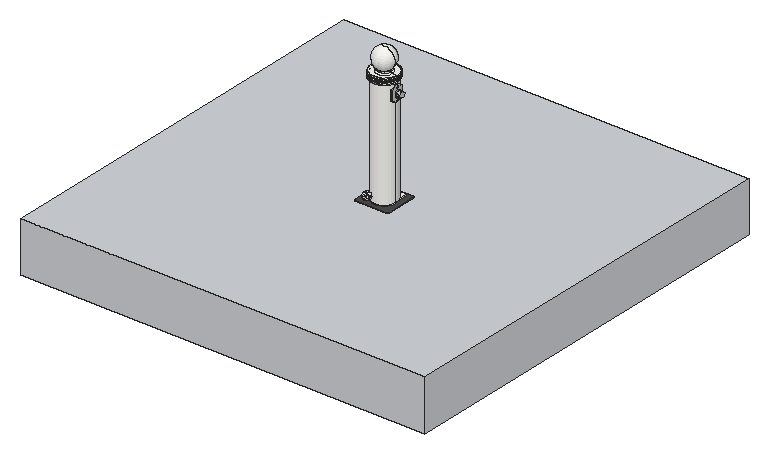
Revit family
Parameters (values of type "MRRW-RS1-R")
  Warranty Statement = " www.maxiforcebollards.com/documents"
  Warranty Duration (Years) = "1"
  URL = " www.maxiforcebollards.com/documents"
  Type Comments = "Light Removable Bollard / Round Body, Wrench Operated"
  Revision = "20110501"
  Reflective Tape = no
  Projection Type = Projection_MRRW-RS1_R : Projection_MRRW-RS1_R
  Product Specifications MF 2004 = " www.maxiforcebollards.com/documents"
  Product Specifications MF 1995 = " www.maxiforcebollards.com/documents"
  Product Models = " www.maxiforcebollards.com/documents"
  Post Material = Powder Coat - TIGER Drylac
  Pier Height = if(Additional Body Height < 0' 0", 2' 2 223/256", if(or(Additional Body Height + 2' 2 223/256" > 4' 0", Additional Body Height + 2' 2 223/256" = 4' 0"), 4' 0", 2' 2 223/256" + Additional Body Height))  # 2' - 2 223/256"
  Operation, Maintenance & Repair Manual = " www.maxiforcebollards.com/documents"
  Model = "MRRW-RS1-R"
  MasterFormat 1995 = "02870"
  Marketing Brochures = " www.maxiforcebollards.com/documents"
  Manufacturer Website = "http://www.maxiforcebollards.com\t\t\t\t\r\n"
  Manufacturer Phone = "410-552-9888\r\n"
  Manufacturer Fax = "410-552-9939\r\n"
  Manufacturer Email = "sales@maxiforcebollards.com\t\t\t\r\n"
  Manufacturer Address = "7560 Main Street, Sykesville, MD 21784"
  Manufacturer = "Blue Ember Technologies, LLC."
  Maintenance Schedule (Months) = "0"
  Keynote = "12 93 00"
  Installation Phase = "Fixtures and Fittings"
  Hydrant Nut Type Description = "4 Types from drop-down:"
  Hydrant Nut Type (Optional) = 1-3_8'' Face Hydrant Nut : 1-3_8'' Face Hydrant Nut
  Head Type = Head_RS1 : Head_RS1
  Head Material = Powder Coat - TIGER Drylac
  Description = "Site Furnishings as Specified in 02870 or 12 93 00"
  Default Elevation = 4' - 0"
  Copyright = "© Blue Ember Technologies, LLC."
  Color Definitions RFA = " www.maxiforcebollards.com/documents"
  Color Charts = " www.maxiforcebollards.com/documents"
  CAD Details = " www.maxiforcebollards.com/documents"
  Bollard Articles = " www.maxiforcebollards.com/documents"
  Base Type = Base_R : Base_R
  Assembly Code = "G2040500"
  Applicable Standard - Typical Installation (minimum) = " www.maxiforcebollards.com/documents"
  Additional Body Height Description = "+1\" of Body (up to 48\" AFG w/o head)"
  Additional Body Height = 0' - 0"
Types (5): name | Projection Type | Head Type | Base Type
  (no name) | Projection_MRRW-RS1_R : Projection_MRRW-RS1_R | Head_RS1 : Head_RS1 | Base_R : Base_R
  MRRW-RS1-R | Projection_MRRW-RS1_R : Projection_MRRW-RS1_R | Head_RS1 : Head_RS1 | Base_R : Base_R
  MRRW-RS2-R | Projection_MRRW-RS2_R : Projection_MRRW-RS2_R | Head_RS2 : Head_RS2 | Base_R : Base_R
  MRRW-RS1-U | Projection_MRRW-RS1_U : Projection_MRRW-RS1_U | Head_RS1 : Head_RS1 | Base_U : Base_U
  MRRW-RS2-U | Projection_MRRW-RS2_U : Projection_MRRW-RS2_U | Head_RS2 : Head_RS2 | Base_U : Base_U
Reference planes (in)
  plane 1 "Center (Front/Back)": y = 0
  plane 2: z = 0
  plane 3 "Center (Left/Right)": x = 0
  plane 4 "Head Placement": z = 26.87109
  plane 5: z = 23.4993
  plane 6 "Hydrant Nut Placement": x = 2.31969
Forms (in)
  Extrusion 1, solid
    sketch origin (0, 0, 0) x (1, 0, 0) y (0, 1, 0)
      loop
        line (-48, 48) -> (-48, -48) -> (48, -48) -> (48, 48) -> (-48, 48)
    from 0 to -12
  Extrusion 2, solid, material "Powder Coat - TIGER Drylac" <- "Post Material", detail levels medium+fine
    sketch origin (0.01612, 0, 0) x (-1, 0, 0) y (0, -1, 0)
      loop
        circle (0, 0) r 2.78125
      loop
        circle (0, 0) r 2.52344
    from 0.25 to 26.87109
  Extrusion 3, solid, material "Powder Coat - TIGER Drylac" <- "Post Material", detail levels medium+fine
    sketch origin (0.01612, 0, 0) x (-1, 0, 0) y (0, -1, 0)
      loop
        arc (-1.14247, -2.398) -> (1.98328, 1.767) -> (-2.51344, -0.85923) r 2.65625
        arc (-2.51344, -0.85923) -> (-2.50338, -0.89911) -> (-2.5, -0.9401) r 0.25
        line (-2.5, -0.9401) -> (-2.5, -3.37615) -> (-2.31615, -3.56) -> (-1.68385, -3.56) -> (-1.5, -3.37615) -> (-1.5, -2.6237)
        arc (-1.5, -2.6237) -> (-1.38345, -2.4123) -> (-1.14247, -2.398) r 0.25
      loop
        circle (0, 0) r 1.03125
      loop
        circle (-1.9995, -3.06) r 0.25
      loop
        arc (1.66859, 0.88) -> (1.62716, 0.86284) -> (1.61, 0.82141) r 0.05859
        line (1.61, 0.82141) -> (1.61, -0.19141)
        arc (1.61, -0.19141) -> (1.62716, -0.23284) -> (1.66859, -0.25) r 0.05859
        line (1.66859, -0.25) -> (2.08141, -0.25)
        arc (2.08141, -0.25) -> (2.12284, -0.23284) -> (2.14, -0.19141) r 0.05859
        line (2.14, -0.19141) -> (2.14, 0.82141)
        arc (2.14, 0.82141) -> (2.12284, 0.86284) -> (2.08141, 0.88) r 0.05859
        line (2.08141, 0.88) -> (1.66859, 0.88)
    from 0 to 0.25
  Extrusion 4, void
    sketch origin (0.01612, 0, 0) x (0, -1, 0) y (0, 0, 1)
      loop
        circle (0, 26.59148) r 0.125
    from -2.88243 to 2.91626
  Extrusion 5, void
    sketch origin (0.01612, 0, 0) x (0, -1, 0) y (0, 0, 1)
      loop
        circle (0, 23.4993) r 1.125
      loop
        circle (0, 24.9393) r 0.125
      loop
        circle (0, 22.0593) r 0.125
    from -3.27339 to 0
  Extrusion 6, void
    sketch origin (0.01612, 0, 0) x (0, -1, 0) y (0, 0, 1)
      loop
        circle (0, 23.4993) r 0.125
    from 0 to 2.91626
  Extrusion 7, solid, material "Powder Coat - TIGER Drylac" <- "Post Material", detail levels medium+fine
    sketch origin (0.01612, 0, 0) x (1, 0, 0) y (0, 1, 0)
      loop
        circle (1.9995, 3.06) r 0.25
    from -0.75 to 0.25
  Revolve 8, solid, material "Powder Coat - TIGER Drylac" <- "Post Material", detail levels medium+fine
    sketch origin (0.01612, 0, 1.25) x (-1, 0, 0) y (0, -1, 0)
      loop
        line (1.85236, 3.53089) -> (1.85236, 1) -> (2.4, 1) -> (2.4, 2.56089) -> (2.6889, 2.56089) -> (2.6889, 3.12089) -> (2.6331, 3.12089)
        spline (2.6331, 3.12089) -> (2.62425, 3.12226) -> (2.61607, 3.12435) -> (2.60856, 3.12713) -> (2.60172, 3.13063) -> (2.59554, 3.13483) -> (2.59003, 3.13974) -> (2.58519, 3.14535) -> (2.58102, 3.15167) -> (2.57751, 3.1587) -> (2.57468, 3.16643) -> (2.57251, 3.17487) -> (2.57101, 3.18402)
        line (2.57101, 3.18402) -> (2.56325, 3.40629)
        arc (2.56325, 3.40629) -> (2.52391, 3.49465) -> (2.43423, 3.53089) r 0.1291
        line (2.43423, 3.53089) -> (1.85236, 3.53089)
      axis (1.85236, 1) -> (1.85236, 3.53089)
    angle from 0 to 360
  Revolve 9, solid, material "Steel", detail levels fine
    sketch origin (-2.86831, 0, 23.4993) x (0, 0, -1) y (1, 0, 0)
      loop
        line (0, 0.11631) -> (0, 5.188) -> (-0.79298, 5.188) -> (-0.79298, 5.938) -> (-1.75, 5.938) -> (-1.75, 5.75) -> (-0.875, 5.75) -> (-0.875, 0.36631) -> (-0.11725, 0.36631) -> (-0.11725, 0.11631) -> (0, 0.11631)
      axis (0, 5.938) -> (0, 0.11631)
    angle from 0 to 360
  Extrusion 10, void
    sketch origin (-2.86831, 0, 23.4993) x (0, 0, -1) y (0, 1, 0)
      loop
        line (-1.5, 1.31) -> (1.5, 1.31) -> (1.5, 2.73621) -> (-1.5, 2.73621) -> (-1.5, 1.31)
      loop
        line (-1.5, -1.31) -> (-1.5, -2.73621) -> (1.5, -2.73621) -> (1.5, -1.31) -> (-1.5, -1.31)
      loop
        circle (-1.44, 0) r 0.26172
      loop
        circle (1.44, 0) r 0.26172
    from 0 to 7.04958
  Extrusion 11, void
    sketch origin (2.90869, 0, 24.93512) x (0, 0, -1) y (0, 1, 0)
      loop
        line (0, 0.09021) -> (-0.07812, 0.04511) -> (-0.07812, -0.04511) -> (0, -0.09021) -> (0.07813, -0.04511) -> (0.07813, 0.04511) -> (0, 0.09021)
    from 0.0805 to 0.161
  Revolve 12, solid, material "Steel", detail levels fine
    sketch origin (2.90869, 0, 24.93512) x (0, 0, -1) y (1, 0, 0)
      loop
        line (0, 0.161) -> (-0.26551, 0.161) -> (-0.12555, 0) -> (-0.12555, -0.339) -> (0, -0.339) -> (0, 0.161)
      axis (0, 0.161) -> (0, -0.339)
    angle from 0 to 360
  Extrusion 13, void
    sketch origin (2.90869, 0, 22.06347) x (0, 0, 1) y (0, -1, 0)
      loop
        line (0, -0.09021) -> (0.07813, -0.04511) -> (0.07813, 0.04511) -> (0, 0.09021) -> (-0.07812, 0.04511) -> (-0.07812, -0.04511) -> (0, -0.09021)
    from 0.0805 to 0.161
  Revolve 14, solid, material "Steel", detail levels fine
    sketch origin (2.90869, 0, 22.06347) x (0, 0, 1) y (-1, 0, 0)
      loop
        line (0, -0.161) -> (0, 0.339) -> (-0.12555, 0.339) -> (-0.12555, 0) -> (-0.26551, -0.161) -> (0, -0.161)
      axis (0, -0.161) -> (0, 0.339)
    angle from 0 to 360
  Revolve 15, solid, material "Steel", detail levels fine
    sketch origin (-2.86831, 0, 23.4993) x (0, 0, -1) y (1, 0, 0)
      loop
        line (-1.75, 5.75) -> (-1.75, 5.12) -> (0, 5.12) -> (0, 5.188) -> (-0.79298, 5.188) -> (-0.79298, 5.75) -> (-1.75, 5.75)
      axis (0, 5.75) -> (0, 5.12)
    angle from 0 to 360
  Extrusion 16, void
    sketch origin (-2.86831, -0.04235, 23.45695) x (0, -1, 0) y (1, 0, 0)
      loop
        arc (1.633, 5.12) -> (0, 5.64988) -> (-1.633, 5.12) r 2.78125
        line (-1.633, 5.12) -> (1.633, 5.12)
    from -2.16658 to 2.25128
Cuts and joins
  Extrusion 4, Extrusion 5, Extrusion 6, Extrusion 11, Extrusion 13 cuts Extrusion 2
  Extrusion 10 cuts Extrusion 3
  Extrusion 10 cuts Extrusion 7
  joined: Extrusion 3, Extrusion 7
  Extrusion 10 cuts Revolve 8
  Extrusion 11 cuts Revolve 12
  Extrusion 13 cuts Revolve 14
  Extrusion 10, Extrusion 16 cuts Revolve 15
  Extrusion 10 cuts Revolve 9
Dimensions and locks (in)
  "Pier Height": plane 4 "Head Placement" to level
  locked: plane 5 to level at 23.4993
  Extrusion 5 sketch curve to plane 5 to Extrusion 5 sketch curve = 0' - 1.44" locked, 0' - 1.44" locked
  locked: Revolve 12 sketch curve to plane 5 at 1.43583
  locked: Extrusion 11 sketch curve to plane 5 at 1.43583
  locked: Extrusion 10 sketch curve to plane 5 at 1.5
  locked: Extrusion 10 sketch curve to plane 5 at 1.44
  aligned and locked: plane 2 to Extrusion 1
  aligned and locked: level to Extrusion 1
  aligned and locked: plane 4 "Head Placement" to cut or joined group of Extrusion 2, Extrusion 4, Extrusion 5, Extrusion 6, Extrusion 11, Extrusion 13
  aligned and locked: nested 4 to plane 5
  aligned and locked: nested 4 to plane 1 "Center (Front/Back)"
Automatic sketch dimensions
  Extrusion 1 sketch curve to Extrusion 1 sketch curve = 8' - 0"  (x2)
  Extrusion 2 sketch curve to Extrusion 2 sketch curve = 0' - 0"  (x2)
  plane 1 "Center (Front/Back)" to Extrusion 2 sketch curve = 0' - 0"
  plane 3 "Center (Left/Right)" to Extrusion 2 sketch curve = 0' - 0.01612"
  Extrusion 3 sketch curve to Extrusion 3 sketch curve = 0' - 0"  (x3)
  plane 1 "Center (Front/Back)" to Extrusion 3 sketch curve = 0' - 0"
  Extrusion 3 sketch curve to plane 1 "Center (Front/Back)" = 0' - 0.9401"
  plane 3 "Center (Left/Right)" to Extrusion 3 sketch curve = 0' - 2.76612"
  Extrusion 3 sketch curve to Extrusion 3 sketch curve = 0' - 0.23656"
  Extrusion 3 sketch curve to Extrusion 3 sketch curve = 0' - 0.01344"
  Extrusion 3 sketch curve to Extrusion 3 sketch curve = 0' - 0.18385"  (x3)
  Extrusion 3 sketch curve to Extrusion 3 sketch curve = 0' - 0.31665"
  Extrusion 3 sketch curve to Extrusion 3 sketch curve = 0' - 0.31565"
  Extrusion 3 sketch curve to Extrusion 3 sketch curve = 0' - 0 1/4"
  Extrusion 3 sketch curve to Extrusion 3 sketch curve = 0' - 0.10753"
  plane 1 "Center (Front/Back)" to Extrusion 3 sketch curve = 0' - 0.82141"
  Extrusion 3 sketch curve to plane 3 "Center (Left/Right)" = 0' - 1.59388"
  Extrusion 3 sketch curve to Extrusion 3 sketch curve = 0' - 0 15/256"  (x3)
  Extrusion 3 sketch curve to Extrusion 3 sketch curve = 0' - 0.41281"  (x2)
  Extrusion 3 sketch curve to Extrusion 3 sketch curve = 0' - 0.4363"
  Extrusion 3 sketch curve to Extrusion 3 sketch curve = 0' - 0.31615"  (x2)
  Extrusion 3 sketch curve to plane 1 "Center (Front/Back)" = 0' - 0 1/4"
  Extrusion 4 sketch curve to plane 1 "Center (Front/Back)" = 0' - 0"
  Extrusion 4 sketch curve to plane 4 "Head Placement" = 0' - 0.27961"
  Extrusion 5 sketch curve to plane 1 "Center (Front/Back)" = 0' - 0"  (x3)
  Extrusion 5 sketch curve to Extrusion 5 sketch curve = 0' - 1.44"
  plane 3 "Center (Left/Right)" to Extrusion 7 sketch curve = 0' - 2 1/64"
  Extrusion 7 sketch curve to plane 1 "Center (Front/Back)" = 0' - 3.06"
  Revolve 8 sketch curve to plane 3 "Center (Left/Right)" = 0' - 1.83624"
  Revolve 8 sketch curve to Revolve 8 sketch curve = 0' - 0"
  Revolve 8 sketch curve to Revolve 8 sketch curve = 0' - 0.54764"
  Revolve 8 sketch curve to Revolve 8 sketch curve = 0' - 0.58187"
  Revolve 8 sketch curve to Revolve 8 sketch curve = 0' - 0.12902"
  Revolve 8 sketch curve to Revolve 8 sketch curve = 0' - 0.00776"
  Revolve 8 sketch curve to Revolve 8 sketch curve = 0' - 0.06209"
  Revolve 8 sketch curve to Revolve 8 sketch curve = 0' - 0.2889"
  plane 1 "Center (Front/Back)" to Revolve 8 sketch curve = 0' - 1"
  Revolve 8 sketch curve to Revolve 8 sketch curve = 0' - 1.36854"
  Revolve 8 sketch curve to Revolve 8 sketch curve = 0' - 0.19235"
  Revolve 8 sketch curve to Revolve 8 sketch curve = 0' - 0.56"
  Revolve 8 sketch curve to Revolve 8 sketch curve = 0' - 0.06313"
  Revolve 8 sketch curve to Revolve 8 sketch curve = 0' - 0.21777"
  Revolve 8 sketch curve to Revolve 8 sketch curve = 0' - 0.00451"
  Revolve 8 sketch curve to Revolve 8 sketch curve = 0' - 0.64259"
  Extrusion 6 sketch curve to plane 1 "Center (Front/Back)" = 0' - 0"
  Extrusion 6 sketch curve to plane 5 = 0' - 0"
  Extrusion 10 sketch curve to Extrusion 10 sketch curve = 0' - 0"
  Extrusion 10 sketch curve to Extrusion 10 sketch curve = 0' - 0.06"  (x3)
  Extrusion 10 sketch curve to Extrusion 10 sketch curve = 0' - 1.42621"  (x2)
  Extrusion 11 sketch curve to Extrusion 11 sketch curve = 0' - 0 5/64"  (x3)
  Extrusion 13 sketch curve to Extrusion 13 sketch curve = 0' - 0 5/64"  (x3)
  Extrusion 16 sketch curve to Extrusion 16 sketch curve = 0' - 2.25137"
  Revolve 12 sketch curve to Revolve 12 sketch curve = 0' - 0.13996"
  Revolve 12 sketch curve to Revolve 12 sketch curve = 0' - 0.12555"
  Revolve 12 sketch curve to Revolve 12 sketch curve = 0' - 0"
  Revolve 12 sketch curve to Revolve 12 sketch curve = 0' - 3.14922"
  Revolve 12 sketch curve to Revolve 12 sketch curve = 0' - 0.339"
  Revolve 12 sketch curve to Revolve 12 sketch curve = 0' - 0.161"
  Revolve 12 sketch curve to Revolve 12 sketch curve = 0' - 3.28743"
  Revolve 14 sketch curve to Revolve 14 sketch curve = 0' - 0.13996"
  Revolve 14 sketch curve to Revolve 14 sketch curve = 0' - 0.12555"
  Revolve 14 sketch curve to Revolve 14 sketch curve = 0' - 3.28743"
  Revolve 14 sketch curve to Revolve 14 sketch curve = 0' - 0.161"
  Revolve 14 sketch curve to Revolve 14 sketch curve = 0' - 0.339"
  Revolve 14 sketch curve to Revolve 14 sketch curve = 0' - 3.14922"
  Revolve 15 sketch curve to Revolve 15 sketch curve = 0' - 0 245/256"
  Revolve 15 sketch curve to Revolve 15 sketch curve = 0' - 0 203/256"
  Revolve 15 sketch curve to Revolve 15 sketch curve = 0' - 0.068"
  Revolve 15 sketch curve to Revolve 15 sketch curve = 0' - 0.562"
  Revolve 15 sketch curve to Revolve 15 sketch curve = 8' - 0.96882"
  Extrusion 10 sketch curve to Extrusion 10 sketch curve = 0' - 1.31"  (x3)
  Extrusion 11 sketch curve to Extrusion 11 sketch curve = 0' - 0.04511"  (x3)
  Extrusion 11 sketch curve to Extrusion 11 sketch curve = 0' - 0.09021"  (x2)
  Extrusion 13 sketch curve to Extrusion 13 sketch curve = 0' - 0.04511"  (x3)
  Extrusion 13 sketch curve to Extrusion 13 sketch curve = 0' - 0.09021"  (x2)
  Revolve 14 sketch curve to Revolve 14 sketch curve = 0' - 0"
  Revolve 15 sketch curve to Revolve 15 sketch curve = 0' - 0"
  Revolve 15 sketch curve to Revolve 15 sketch curve = 2' - 5.12"
  Extrusion 16 sketch curve to Extrusion 16 sketch curve = 0' - 1.633"
  Extrusion 10 sketch curve to plane 1 "Center (Front/Back)" = 0' - 0"
  Extrusion 11 sketch curve to plane 1 "Center (Front/Back)" = 0' - 0.04511"
  Revolve 12 sketch curve to plane 3 "Center (Left/Right)" = 0' - 0.57953"
  Extrusion 13 sketch curve to plane 1 "Center (Front/Back)" = 0' - 0.04511"
  Extrusion 13 sketch curve to plane 5 = 0' - 1.51395"
  Revolve 14 sketch curve to plane 5 = 0' - 1.70133"
  plane 3 "Center (Left/Right)" to Revolve 14 sketch curve = 0' - 6.35712"
  Revolve 15 sketch curve to plane 5 = 0' - 0"
  Revolve 15 sketch curve to plane 3 "Center (Left/Right)" = 2' - 2.86831"
  Extrusion 16 sketch curve to plane 1 "Center (Front/Back)" = 0' - 1.59065"
  plane 3 "Center (Left/Right)" to Extrusion 16 sketch curve = 0' - 0.00032"
  Revolve 9 sketch curve to plane 5 = 0' - 0"  (x2)
  plane 5 to Revolve 9 sketch curve = 0' - 0.11725"
  plane 5 to Revolve 9 sketch curve = 0' - 0 203/256"
  Revolve 9 sketch curve to Revolve 9 sketch curve = 0' - 0 21/256"
  Revolve 9 sketch curve to Revolve 9 sketch curve = 0' - 0 7/8"
  Revolve 9 sketch curve to plane 3 "Center (Left/Right)" = 2' - 2.86831"
  Revolve 9 sketch curve to plane 3 "Center (Left/Right)" = 0' - 2.752"
  Revolve 9 sketch curve to Revolve 9 sketch curve = 0' - 0 1/4"
  plane 3 "Center (Left/Right)" to Revolve 9 sketch curve = 0' - 2.31969"
  Revolve 9 sketch curve to Revolve 9 sketch curve = 0' - 0.562"
  Revolve 9 sketch curve to Revolve 9 sketch curve = 0' - 0.188"
  Revolve 9 sketch curve to Revolve 9 sketch curve = 8' - 0.78082"
  radius of Extrusion 2 sketch curve = 0' - 2 25/32"
  radius of Extrusion 2 sketch curve = 0' - 2 67/128"
  radius of Extrusion 3 sketch curve = 0' - 1 1/32"
  radius of Extrusion 3 sketch curve = 0' - 0 1/4"
  radius of Extrusion 4 sketch curve = 0' - 0 1/8"
  radius of Extrusion 5 sketch curve = 0' - 1 1/8"
  radius of Extrusion 5 sketch curve = 0' - 0 1/8"  (x2)
  radius of Extrusion 7 sketch curve = 0' - 0 1/4"
  radius of Extrusion 6 sketch curve = 0' - 0 1/8"
  radius of Extrusion 10 sketch curve = 0' - 0 67/256"  (x2)
Nested families (in)
  nested 1: "Base_R" at (0, 0, 0), type <- "Base Type", type "Base_R", detail levels medium+fine
  nested 2: "Head_RS1" at (0, 0, 26.87109), type <- "Head Type", type "Head_RS1", detail levels medium+fine
  nested 3: "Projection_MRRW-RS1_R" at (0, 0, 0), type <- "Projection Type", type "Projection_MRRW-RS1_R"
  nested 4: "1-3_8'' Face Hydrant Nut" at (2.31969, 0, 23.4993) x (0, 1, 0) z (1, 0, 0), type <- "Hydrant Nut Type (Optional)", type "1-3_8'' Face Hydrant Nut", detail levels fine
Definition of nested family "Base_R"
  Reference planes (in)
    plane 1 "Center (Front/Back)": y = 0
    plane 2: z = 0
    plane 3 "Center (Left/Right)": x = 0
    plane 4: y = 4
    plane 5: y = -4
  Forms (in)
    Extrusion 1, solid, material "Base Steel"
      sketch origin (0, 0, 0) x (1, 0, 0) y (0, 1, 0)
        loop
          arc (-3.5, 4) -> (-3.85355, 3.85355) -> (-4, 3.5) r 0.5
          line (-4, 3.5) -> (-4, -3.5)
          arc (-4, -3.5) -> (-3.85355, -3.85355) -> (-3.5, -4) r 0.5
          line (-3.5, -4) -> (3.5, -4)
          arc (3.5, -4) -> (3.85355, -3.85355) -> (4, -3.5) r 0.5
          line (4, -3.5) -> (4, 3.5)
          arc (4, 3.5) -> (3.85355, 3.85355) -> (3.5, 4) r 0.5
          line (3.5, 4) -> (-3.5, 4)
        loop
          circle (0, 0) r 1.26563
        loop
          arc (-1.37109, 3.31) -> (-1.46224, 3.27224) -> (-1.5, 3.18109) r 0.12891
          line (-1.5, 3.18109) -> (-1.5, 2.93891)
          arc (-1.5, 2.93891) -> (-1.46224, 2.84776) -> (-1.37109, 2.81) r 0.12891
          line (-1.37109, 2.81) -> (1.37109, 2.81)
          arc (1.37109, 2.81) -> (1.46224, 2.84776) -> (1.5, 2.93891) r 0.12891
          line (1.5, 2.93891) -> (1.5, 3.18109)
          arc (1.5, 3.18109) -> (1.46224, 3.27224) -> (1.37109, 3.31) r 0.12891
          line (1.37109, 3.31) -> (-1.37109, 3.31)
        loop
          arc (-2.10141, 0.25) -> (-2.14284, 0.23284) -> (-2.16, 0.19141) r 0.05859
          line (-2.16, 0.19141) -> (-2.16, -0.94141)
          arc (-2.16, -0.94141) -> (-2.14284, -0.98284) -> (-2.10141, -1) r 0.05859
          line (-2.10141, -1) -> (-1.68859, -1)
          arc (-1.68859, -1) -> (-1.64716, -0.98284) -> (-1.63, -0.94141) r 0.05859
          line (-1.63, -0.94141) -> (-1.63, 0.19141)
          arc (-1.63, 0.19141) -> (-1.64716, 0.23284) -> (-1.68859, 0.25) r 0.05859
          line (-1.68859, 0.25) -> (-2.10141, 0.25)
        loop
          circle (2, 3.06) r 0.26562
      from -0.38 to 0
    Extrusion 2, solid, material "Base Steel"
      sketch origin (0, 0, 0) x (1, 0, 0) y (0, 1, 0)
        loop
          circle (0, 0) r 1.25
        loop
          circle (0, 0) r 1.12891
      from -8.13 to 0
    Extrusion 3, solid, material "Base Steel"
      sketch origin (0, 0, 0) x (1, 0, 0) y (0, 1, 0)
        loop
          line (-1.5, 1.5) -> (-1.5, -1.5) -> (1.5, -1.5) -> (1.5, 1.5) -> (-1.5, 1.5)
        loop
          circle (0, 0) r 0.25
      from -8.38 to -8.13
  Dimensions and locks (in)
    locked: plane 4 to plane 5 at 8
    equal spacing: plane 4, plane 1 "Center (Front/Back)", plane 5
    plane 3 "Center (Left/Right)" to Extrusion 1 sketch curve = 0' - 2"
    plane 1 "Center (Front/Back)" to Extrusion 1 sketch curve = 0' - 3.06"
    plane 1 "Center (Front/Back)" to Extrusion 1 sketch curve = 0' - 2.81"
    Extrusion 1 sketch curve to plane 3 "Center (Left/Right)" to Extrusion 1 sketch curve = 0' - 1 1/2", 0' - 1 1/2"
    Extrusion 1 sketch curve to plane 3 "Center (Left/Right)" = 0' - 1.63"
    plane 1 "Center (Front/Back)" to Extrusion 1 sketch curve = 0' - 0 1/4"
    aligned and locked: Extrusion 1 sketch curve to plane 4
    aligned and locked: Extrusion 1 sketch curve to plane 5
    aligned and locked: level to Extrusion 1
    aligned and locked: level to Extrusion 2
  Automatic sketch dimensions
    plane 1 "Center (Front/Back)" to Extrusion 1 sketch curve = 0' - 0"
    Extrusion 1 sketch curve to plane 3 "Center (Left/Right)" = 0' - 0"
    Extrusion 1 sketch curve to Extrusion 1 sketch curve = 0' - 0 15/256"  (x4)
    Extrusion 1 sketch curve to Extrusion 1 sketch curve = 0' - 0 33/256"  (x4)
    Extrusion 1 sketch curve to Extrusion 1 sketch curve = 0' - 0 1/2"  (x2)
    plane 1 "Center (Front/Back)" to Extrusion 2 sketch curve = 0' - 0"
    Extrusion 2 sketch curve to plane 3 "Center (Left/Right)" = 0' - 0"
    Extrusion 2 sketch curve to Extrusion 2 sketch curve = 0' - 0"  (x2)
    plane 1 "Center (Front/Back)" to Extrusion 3 sketch curve = 0' - 0"
    Extrusion 3 sketch curve to plane 3 "Center (Left/Right)" = 0' - 0"
    Extrusion 1 sketch curve to plane 5 = 0' - 0 1/2"
    Extrusion 1 sketch curve to Extrusion 1 sketch curve = 0' - 1.39859"
    Extrusion 1 sketch curve to Extrusion 1 sketch curve = 0' - 1 1/2"
    plane 3 "Center (Left/Right)" to Extrusion 1 sketch curve = 0' - 3 1/2"
    Extrusion 3 sketch curve to plane 3 "Center (Left/Right)" = 0' - 1 1/2"
    plane 3 "Center (Left/Right)" to Extrusion 3 sketch curve = 0' - 1 1/2"
    plane 1 "Center (Front/Back)" to Extrusion 3 sketch curve = 0' - 1 1/2"
    Extrusion 3 sketch curve to plane 1 "Center (Front/Back)" = 0' - 1 1/2"
    plane 1 "Center (Front/Back)" to Extrusion 1 sketch curve = 0' - 1"
    Extrusion 1 sketch curve to Extrusion 1 sketch curve = 0' - 0.41281"
    Extrusion 1 sketch curve to Extrusion 1 sketch curve = 0' - 0 31/128"
    radius of Extrusion 1 sketch curve = 0' - 1 17/64"
    radius of Extrusion 1 sketch curve = 0' - 0 17/64"
    radius of Extrusion 2 sketch curve = 0' - 1 1/4"
    radius of Extrusion 2 sketch curve = 0' - 1 33/256"
    radius of Extrusion 3 sketch curve = 0' - 0 1/4"
Definition of nested family "Head_RS1"
  Parameters (values of type "Head_RS1")
    Head Material = Powder Coat - TIGER Drylac
    Default Elevation = 4' - 0"
    Assembly Code = ""
  Reference planes (in)
    plane 1 "Center (Front/Back)": y = 0
    plane 2: z = 0
    plane 3 "Center (Left/Right)": x = 0
  Forms (in)
    Revolve 1, solid, material "Powder Coat - TIGER Drylac" <- "Head Material"
      sketch origin (0, 0, -0.86859) x (1, 0, 0) y (0, 0, 1)
        loop
          line (0, 0) -> (0, 0.25) -> (-2.845, 0.25) -> (-2.845, 1.06) -> (-1.345, 1.06) -> (-1.345, 2.18626)
          arc (-1.345, 2.18626) -> (-2.13552, 4.69855) -> (0, 6.24) r 2.25
          line (0, 6.24) -> (0, 6.49)
          arc (0, 6.49) -> (-2.33288, 4.88872) -> (-1.67727, 2.13615) r 2.5
          arc (-1.67727, 2.13615) -> (-1.61649, 2.05218) -> (-1.595, 1.95077) r 0.25
          line (-1.595, 1.95077) -> (-1.595, 1.56)
          arc (-1.595, 1.56) -> (-1.66822, 1.38322) -> (-1.845, 1.31) r 0.25
          line (-1.845, 1.31) -> (-3.16141, 1.31)
          arc (-3.16141, 1.31) -> (-3.20284, 1.29284) -> (-3.22, 1.25141) r 0.05859
          line (-3.22, 1.25141) -> (-3.22, 0.94625)
          arc (-3.22, 0.94625) -> (-3.21787, 0.93059) -> (-3.21163, 0.91607) r 0.05859
          line (-3.21163, 0.91607) -> (-3.13213, 0.78376)
          arc (-3.13213, 0.78376) -> (-3.09642, 0.655) -> (-3.13213, 0.52624) r 0.25
          line (-3.13213, 0.52624) -> (-3.21163, 0.39393)
          arc (-3.21163, 0.39393) -> (-3.21787, 0.37941) -> (-3.22, 0.36375) r 0.05859
          line (-3.22, 0.36375) -> (-3.22, 0.05859)
          arc (-3.22, 0.05859) -> (-3.20284, 0.01716) -> (-3.16141, 0) r 0.05859
          line (-3.16141, 0) -> (0, 0)
        axis (0, 6.49) -> (0, 0)
      angle from 0 to 360
    Extrusion 2, void
      sketch origin (0, 0, 0.19141) x (0, 1, 0) y (0, 0, 1)
        loop
          circle (0, -0.4) r 0.15625
      from -3.97007 to 3.77942
    Extrusion 3, void
      sketch origin (-3.09254, 0, -0.20859) x (0, 0, 1) y (0, 1, 0)
        loop
          line (0, 0.09021) -> (-0.07812, 0.04511) -> (-0.07812, -0.04511) -> (0, -0.09021) -> (0.07813, -0.04511) -> (0.07813, 0.04511) -> (0, 0.09021)
      from 0.0805 to 0.161
    Revolve 4, solid, material "Steel", detail levels fine
      sketch origin (-3.09254, 0, -0.20859) x (0, 0, 1) y (-1, 0, 0)
        loop
          line (0, 0.161) -> (-0.26551, 0.161) -> (-0.12555, 0) -> (-0.12555, -0.339) -> (0, -0.339) -> (0, 0.161)
        axis (0, 0.161) -> (0, -0.339)
      angle from 0 to 360
    Extrusion 5, void
      sketch origin (3.09254, 0, -0.20859) x (0, 0, 1) y (0, -1, 0)
        loop
          line (0, -0.09021) -> (0.07813, -0.04511) -> (0.07813, 0.04511) -> (0, 0.09021) -> (-0.07812, 0.04511) -> (-0.07812, -0.04511) -> (0, -0.09021)
      from 0.0805 to 0.161
    Revolve 6, solid, material "Steel", detail levels fine
      sketch origin (3.09254, 0, -0.20859) x (0, 0, 1) y (-1, 0, 0)
        loop
          line (0, -0.161) -> (0, 0.339) -> (-0.12555, 0.339) -> (-0.12555, 0) -> (-0.26551, -0.161) -> (0, -0.161)
        axis (0, -0.161) -> (0, 0.339)
      angle from 0 to 360
  Cuts and joins
    Extrusion 2, Extrusion 3, Extrusion 5 cuts Revolve 1
    Extrusion 3, Extrusion 5 cuts Revolve 4
    Extrusion 5 cuts Revolve 6
Definition of nested family "1-3_8'' Face Hydrant Nut"
  Parameters (values of type "1-3_8'' Face Hydrant Nut")
    Default Elevation = 4' - 0"
  Reference planes (in)
    plane 1 "Center (Front/Back)": y = 0
    plane 2: z = 0
    plane 3 "Center (Left/Right)": x = 0
  Forms (in)
    Extrusion 1, solid, material "Steel"
      sketch origin (0, 0, 0) x (1, 0, 0) y (0, 1, 0)
        loop
          circle (0, 0) r 0.75
      from 0 to 1.94
    Extrusion 2, void
      sketch origin (0, 0, 0) x (1, 0, 0) y (0, 1, 0)
        loop
          line (0.45409, -0.625) -> (0.73474, 0.23874) -> (0.00001, 0.77255) -> (-0.73473, 0.23873) -> (-0.45409, -0.625) -> (0.45409, -0.625)
        loop
          circle (0, 0) r 1
      from 0.94141 to 1.94
  Cuts and joins
    Extrusion 2 cuts Extrusion 1
Definition of nested family "Projection_MRRW-RS1_R"
  Reference planes (in)
    plane 1 "Center (Front/Back)": y = 0
    plane 2: z = 0
    plane 3 "Center (Left/Right)": x = 0
  Lines and regions (in)
    symbolic lines
      curve 1: circle (0, 0, 0) r 2.5 normal (0, 0, 1)
      curve 2: circle (0, 0, 0) r 3.22 normal (0, 0, 1)
      curve 3: line (-4, 3.5, 0) -> (-4, -3.5, 0)
      curve 4: arc (-3.5, 4, 0) -> (-3.85355, 3.85355, 0) -> (-4, 3.5, 0) r 0.5
      curve 5: line (3.5, 4, 0) -> (-3.5, 4, 0)
      curve 6: arc (4, 3.5, 0) -> (3.85355, 3.85355, 0) -> (3.5, 4, 0) r 0.5
      curve 7: line (4, -3.5, 0) -> (4, 0, 0)
      curve 8: arc (3.5, -4, 0) -> (3.85355, -3.85355, 0) -> (4, -3.5, 0) r 0.5
      curve 9: line (-3.5, -4, 0) -> (3.5, -4, 0)
      curve 10: arc (-4, -3.5, 0) -> (-3.85355, -3.85355, 0) -> (-3.5, -4, 0) r 0.5
      curve 11: line (2.51612, 2.00936, 0) -> (2.51612, 3.37615, 0)
      curve 12: line (2.51612, 3.37615, 0) -> (2.33228, 3.56, 0)
      curve 13: line (2.33228, 3.56, 0) -> (1.69997, 3.56, 0)
      curve 14: line (1.69997, 3.56, 0) -> (1.51612, 3.37615, 0)
      curve 15: line (1.51612, 3.37615, 0) -> (1.51612, 2.84073, 0)
      curve 16: arc (1.5, 2.93891, 0) -> (1.49355, 2.89863, 0) -> (1.47483, 2.86239, 0) r 0.12891
      curve 17: line (1.5, 3.18109, 0) -> (1.5, 2.93891, 0)
      curve 18: arc (1.37109, 3.31, 0) -> (1.46224, 3.27224, 0) -> (1.5, 3.18109, 0) r 0.12891
      curve 19: line (-1.37109, 3.31, 0) -> (1.37109, 3.31, 0)
      curve 20: arc (-1.5, 3.18109, 0) -> (-1.46224, 3.27224, 0) -> (-1.37109, 3.31, 0) r 0.12891
      curve 21: line (-1.5, 2.93891, 0) -> (-1.5, 3.18109, 0)
      curve 22: arc (-1.47483, 2.86239, 0) -> (-1.49355, 2.89863, 0) -> (-1.5, 2.93891, 0) r 0.12891
      curve 23: line (2.94148, 1.31, 0) -> (3.06969, 1.31, 0)
      curve 24: line (3.06969, 1.31, 0) -> (3.06969, 0.97231, 0)
      curve 25: line (3.06969, -0.97231, 0) -> (3.06969, -1.31, 0)
      curve 26: line (3.06969, -1.31, 0) -> (2.94148, -1.31, 0)
      curve 27: line (4, 0, 0) -> (4, 3.5, 0)
      curve 28: line (-2.6889, -2.56089, 0) -> (-1.95199, -2.56089, 0)
      curve 29: line (-2.6889, -3.12089, 0) -> (-1.01581, -3.12089, 0)
      curve 30: line (-1.13371, -3.18402, 0) -> (-2.57101, -3.18402, 0)
      curve 31: line (-2.6889, -2.56089, 0) -> (-2.6889, -3.12089, 0)
      curve 32: line (-2.40023, -2.56089, 0) -> (-2.40023, -2.14646, 0)
      curve 33: line (-2.63215, -3.12089, 0) -> (-2.57101, -3.18402, 0)
      curve 34: line (-2.57101, -3.18402, 0) -> (-2.56334, -3.40368, 0)
      curve 35: line (-1.01581, -3.12089, 0) -> (-1.01581, -3.05557, 0)
      curve 36: line (-1.13371, -3.18402, 0) -> (-1.14148, -3.40651, 0)
      curve 37: line (-1.0717, -3.12089, 0) -> (-1.13371, -3.18402, 0)
      curve 38: line (-2.43184, -3.53067, 0) -> (-1.27005, -3.53067, 0)
      curve 39: arc (-1.27005, -3.53067, 0) -> (-1.18068, -3.49456, 0) -> (-1.14148, -3.40651, 0) r 0.12865
      curve 40: arc (-2.56334, -3.40368, 0) -> (-2.52324, -3.49374, 0) -> (-2.43184, -3.53067, 0) r 0.13158
      curve 41: circle (0, 0, 0) r 2.25 normal (0, 0, 1)
